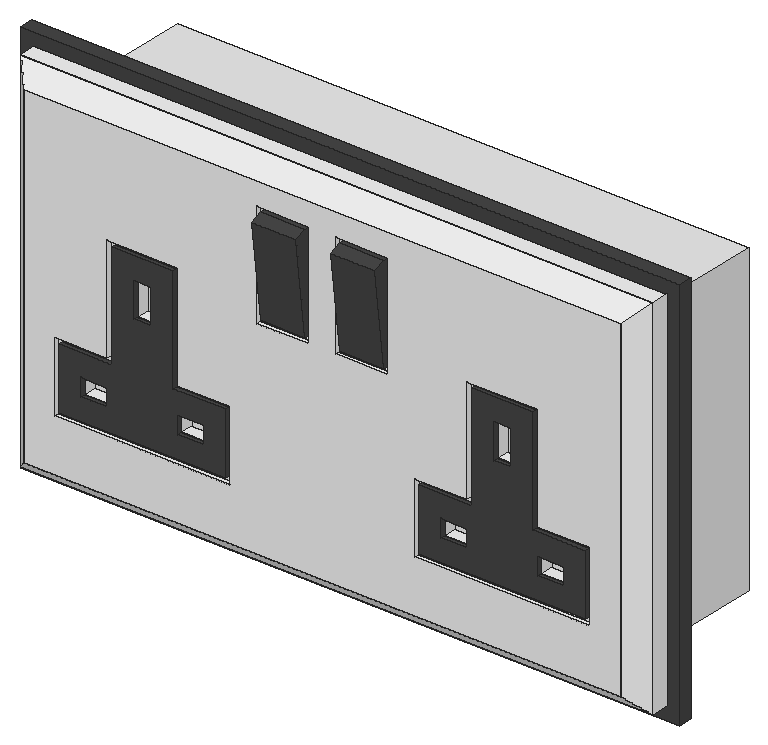
Revit family "Double gang_Medical Equipment Normal Power Supply Switch", category Electrical Fixtures, Revit 2018
Family settings
  Maintain Annotation Orientation = No
  Round Connector Dimension = Use Diameter
  Part Type = Normal
  OmniClass Number = 23.80.00.00
  OmniClass Title = Electric Power and Lighting
  Work Plane-Based = No
  Always vertical = Yes
  Cut with Voids When Loaded = No
  Shared = No
  Room Calculation Point = No
Parameters
  v [instance] = not(rotate)  # no
  rotate [instance] = yes
  Text = "1A"
Reference planes
  plane 1 "Center (Front/Back)": y = 0
  plane 2: z = 0
  plane 3 "Center (Left/Right)": x = 0
Forms (mm)
  Extrusion 1, solid, material "White Plastic"
    sketch origin (-129.012, 30, -37.583) x (1, 0, 0) y (0, 0, 1)
      loop
        line (194.012, 72.583) -> (64.012, 72.583) -> (64.012, 2.583) -> (194.012, 2.583) -> (194.012, 72.583)
    from 0 to 30
  Extrusion 2, solid, material "White Plastic"
    sketch origin (-129.012, 0, -37.583) x (1, 0, 0) y (0, 0, 1)
      loop
        line (79.012, 70.083) -> (79.012, 5.083) -> (179.012, 5.083) -> (179.012, 70.083) -> (79.012, 70.083)
      loop
        line (84.012, 65.083) -> (84.012, 10.083) -> (174.012, 10.083) -> (174.012, 65.083) -> (84.012, 65.083)
    from 0 to 2
Dimensions and locks
  aligned and locked: level to plane 2
  aligned and locked: nested 3 to nested 2
Nested families
  nested 1: "Family3" at (0, 0, 0) x (-1, 0, 0) z (0, 0, 1), type "Family3"
  nested 2: "Family4" at (190.875, -284.287, 0), TEXT <- "Text", visible <- "v", type "Family4"
    with TEXT "1A"
  nested 3: "Family4" at (190.875, -299.287, 0) x (0, 1, 0) z (0, 0, 1), TEXT <- "Text", visible <- "rotate", type "Family4"
    with TEXT "1A"
  nested 4: "Double Gang Switched" at (0, 1, -45), type "Double Gang Switched"
Definition of nested family "Double Gang Switched"
  Parameters (values of type "Double Gang Switched")
    backing = none
    Aluminium = none
  Reference planes
    plane 1 "Center (Front/Back)": y = 0
    plane 2: z = 0
    plane 3 "Center (Left/Right)": x = 0
    plane 4: y = -3
    plane 5: y = -7
    plane 6: y = -11
    plane 7: x = 3
    plane 8: x = 4
    plane 9: x = 15
    plane 10: x = 14
  Forms (mm)
    Extrusion 1, solid, material <- "backing"
      sketch origin (0, 0, 0) x (1, 0, 0) y (0, 0, 1)
        loop
          line (-75, 90) -> (-75, 0) -> (75, 0) -> (75, 90) -> (-75, 90)
      from 0 to 3
    Extrusion 2, solid, material <- "Aluminium"
      sketch origin (0, 0, 0) x (1, 0, 0) y (0, 0, 1)
        loop
          line (-72, 87) -> (-72, 3) -> (72, 3) -> (72, 87) -> (-72, 87)
      from 3 to 7
    Sweep 3, solid, material <- "Aluminium"
      path origin (0, 0, 0) x (1, 0, 0) y (0, 0, 1)
        loop
          line (-72, 87) -> (-72, 3) -> (72, 3) -> (72, 87) -> (-72, 87)
      profile origin (0, 0, 87) x (0, 0, 1) y (0, -1, 0)
        loop
          line (0, 7) -> (-4, 11) -> (-4, 7) -> (0, 7)
    Extrusion 4, solid, material <- "Aluminium"
      sketch origin (0, 0, 0) x (1, 0, 0) y (0, 0, 1)
        loop
          line (-68, 83) -> (-68, 7) -> (68, 7) -> (68, 83) -> (-68, 83)
        loop
          line (-15, 78) -> (-15, 54) -> (-3, 54) -> (-3, 78) -> (-15, 78)
        loop
          line (3, 78) -> (3, 54) -> (15, 54) -> (15, 78) -> (3, 78)
        loop
          line (-43, 53) -> (-43, 45) -> (-39, 45) -> (-39, 53) -> (-43, 53)
        loop
          line (-55, 29) -> (-55, 25) -> (-49, 25) -> (-49, 29) -> (-55, 29)
        loop
          line (-33, 29) -> (-33, 25) -> (-27, 25) -> (-27, 29) -> (-33, 29)
        loop
          line (39, 53) -> (39, 45) -> (43, 45) -> (43, 53) -> (39, 53)
        loop
          line (27, 29) -> (27, 25) -> (33, 25) -> (33, 29) -> (27, 29)
        loop
          line (49, 29) -> (49, 25) -> (55, 25) -> (55, 29) -> (49, 29)
      from 7 to 9.937
    Extrusion 5, solid, material <- "backing"
      sketch origin (0, 0, 0) x (0, 1, 0) y (0, 0, 1)
        loop
          line (-11, 77) -> (-13.585, 76.052) -> (-11, 55) -> (-8, 55) -> (-8, 77) -> (-11, 77)
      from 4 to 14
    Extrusion 6, solid, material <- "backing"
      sketch origin (0, 0, 0) x (0, 1, 0) y (0, 0, -1)
        loop
          line (-11, -77) -> (-8, -77) -> (-8, -55) -> (-11, -55) -> (-13.585, -76.052) -> (-11, -77)
      from 4 to 14
    Extrusion 7, solid, material <- "backing"
      sketch origin (0, 0, 0) x (1, 0, 0) y (0, 0, 1)
        loop
          line (-43, 53) -> (-43, 45) -> (-39, 45) -> (-39, 53) -> (-43, 53)
        loop
          line (-55, 29) -> (-55, 25) -> (-49, 25) -> (-49, 29) -> (-55, 29)
        loop
          line (-33, 29) -> (-33, 25) -> (-27, 25) -> (-27, 29) -> (-33, 29)
        loop
          line (-34, 58) -> (-48, 58) -> (-48, 34) -> (-60, 34) -> (-60, 20) -> (-22, 20) -> (-22, 34) -> (-34, 34) -> (-34, 58)
        loop
          line (43, 53) -> (39, 53) -> (39, 45) -> (43, 45) -> (43, 53)
        loop
          line (55, 29) -> (49, 29) -> (49, 25) -> (55, 25) -> (55, 29)
        loop
          line (33, 29) -> (27, 29) -> (27, 25) -> (33, 25) -> (33, 29)
        loop
          line (34, 58) -> (34, 34) -> (22, 34) -> (22, 20) -> (60, 20) -> (60, 34) -> (48, 34) -> (48, 58) -> (34, 58)
      from 9.937 to 11
    Extrusion 8, solid, material <- "Aluminium"
      sketch origin (0, 0, 0) x (1, 0, 0) y (0, 0, 1)
        loop
          line (-68, 83) -> (-68, 7) -> (68, 7) -> (68, 83) -> (-68, 83)
        loop
          line (-49, 59) -> (-49, 35) -> (-61, 35) -> (-61, 19) -> (-21, 19) -> (-21, 35) -> (-33, 35) -> (-33, 59) -> (-49, 59)
        loop
          line (49, 59) -> (33, 59) -> (33, 35) -> (21, 35) -> (21, 19) -> (61, 19) -> (61, 35) -> (49, 35) -> (49, 59)
        loop
          line (-15, 78) -> (-15, 54) -> (-3, 54) -> (-3, 78) -> (-15, 78)
        loop
          line (3, 78) -> (3, 54) -> (15, 54) -> (15, 78) -> (3, 78)
      from 9.937 to 11
  Dimensions and locks
    aligned and locked: level to plane 2
Definition of nested family "Family3"
  Reference planes
    plane 1 "Center (Front/Back)": y = 0
    plane 2: z = 0
    plane 3 "Center (Left/Right)": x = 0
  Lines and regions (mm)
    Filled region 1, type "Solid Fill - Black", in view "Ref. Level"
      outline origin (0, 0, 0) x (1, 0, 0) y (0, 1, 0)
        loop
          circle (0, 175) r 10
    Filled region 2, type "Solid Fill - Black", in view "Ref. Level"
      outline origin (0, 0, 0) x (1, 0, 0) y (0, 1, 0)
        loop
          line (-90, 0) -> (90, 0)
          spline (90, 0) -> (86.933, 23.294) -> (77.942, 45) -> (63.64, 63.64) -> (45, 77.942) -> (23.294, 86.933) -> (0, 90) -> (-23.294, 86.933) -> (-45, 77.942) -> (-63.64, 63.64) -> (-77.942, 45) -> (-86.933, 23.294) -> (-90, 0)
    detail lines, in view "Ref. Level"
      curve 1: circle (-200, 293.037, 0) r 125 normal (0, 0, 1)
      curve 2: arc (150, 0, 0) -> (0, 150, 0) -> (-150, 0, 0) r 150
      curve 3: spline (90, 0, 0) -> (86.933, 23.294, 0) -> (77.942, 45, 0) -> (63.64, 63.64, 0) -> (45, 77.942, 0) -> (23.294, 86.933, 0) -> (0, 90, 0) -> (-23.294, 86.933, 0) -> (-45, 77.942, 0) -> (-63.64, 63.64, 0) -> (-77.942, 45, 0) -> (-86.933, 23.294, 0) -> (-90, 0, 0)
      curve 4: line (0, 400, 0) -> (0, 150, 0)
      curve 5: line (-150, 0, 0) -> (150, 0, 0)
Definition of nested family "Family4"
  Parameters (values of type "Family4")
    TEXT [instance] = ""
  Reference planes
    plane 1: y = 0
    plane 2: x = 0
  Text (mm)
    label "TEXT" at (0.091, -0.03, 0), shows "TEXT"
